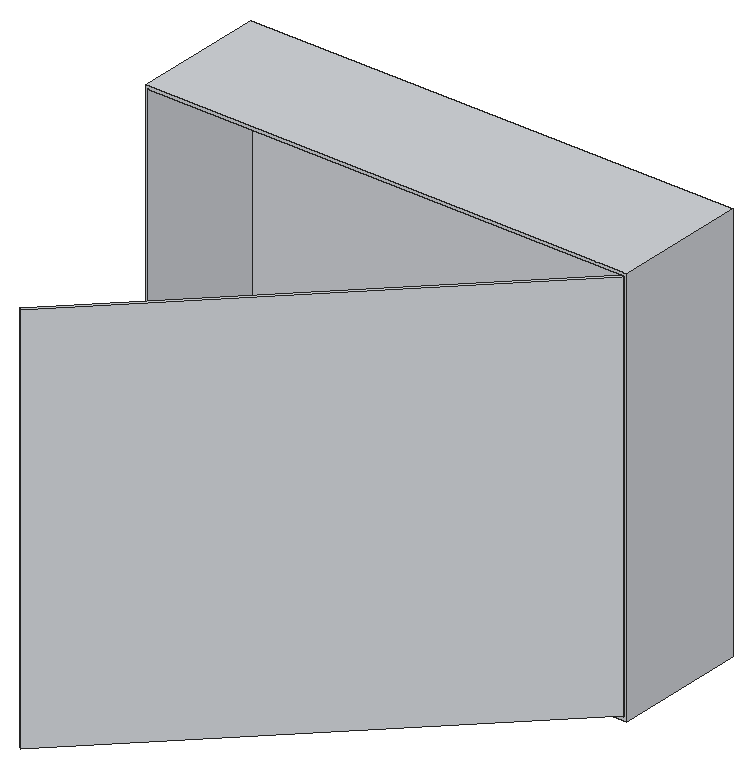
Revit family "Hager-Univers-IP41-vuoto-A_parete-NoHosted-CH-it", category Electrical Equipment, Revit 2020
Family settings
  Panel Configuration = Two Columns, Circuits Across
  Round Connector Dimension = Use Diameter
  Part Type = Panelboard
  Work Plane-Based = Yes
  Always vertical = Yes
  Cut with Voids When Loaded = No
  Shared = No
  Room Calculation Point = No
Parameters (values of type "A parete IP41 L540 A450 P148 0 Unità di divisione - FB3008SN")
  Width Control [instance] = if([HG000006 - Ad incasso], if([EF000846 - larghezza di montaggio] > min_whd, [EF000846 - larghezza di montaggio], min_whd), if([EF000008 - Larghezza] > min_whd, ([EF000008 - Larghezza]), min_whd))  # 540 mm
  Void Depth [instance] = if([EF000218 - profondità di incasso] > 1 mm, [EF000218 - profondità di incasso], 1 mm)  # 84 mm
  Type Comments = [HG000003 - Gamma]  # "Univers"
  System Height [instance] = Height Control - 2 * [HG000005 - Spessore]  # 444 mm
  Panel Name [instance] = ""  # (empty or 0)
  Offset [instance] = 0 mm
  Model = [HG000004 - Codice produttore]  # "FB3008SN"
  Level Offset [instance] = [Flush Mounted - Door Frame Width] + Offset  # 0 mm
  HG000017 - Distanza tra i poli = 18 mm
  HG000016 - Visibilità delle porte nella vista 3D [instance] = yes
  HG000015 - Visibilità attraverso la porta [instance] = no
  HG000014 - Porta destra [instance] = yes
  HG000013 - Porta sinistra [instance] = not([HG000014 - Porta destra])  # no
  HG000012 - Angolo di apertura della porta [instance] = 45.00°
  HG000011 - File vuote nella parte basse = no
  HG000010 - Porte asimmetriche = no
  HG000009 - Porta doppia a battente = no
  HG000008 - Numero di file vuote = 0
  HG000007 - Numero di colonne vuote = 0
  HG000006 - Ad incasso = no
  HG000005 - Spessore = 3 mm  # constant formula
  HG000004 - Codice produttore = "FB3008SN"
  HG000003 - Gamma = "Univers"
  HG000002 - Con porta = yes
  HG000001 - Numero di colonne = 0
  EF015941 - Segnale di passaggio porta = no
  EF015777 - Morsettiera neutra = no
  EF015776 - Morsettiera di terra = no
  EF009212 - esecuzione coperchio = "EV000116 - chiuso"
  EF006306 - con serratura = no
  EF006244 - coperchio/porta trasparente = no
  EF005474 - grado di protezione (IP) = "EV006416 - IP41"
  EF004462 - tipo di chiusura = ""
  EF002950 - Numero moduli DIN = 0
  EF001596 - Attacco Lampada = "EV000154 - altri"
  EF001134 - barra DIN = no
  EF001131 - profondità interna = 84 mm
  EF001088 - possibilità di applicazione = no
  EF001062 - esecuzione EMC = no
  EF000846 - larghezza di montaggio = 300 mm
  EF000339 - tipo di copertura = "EV004216 - porta"
  EF000332 - Altezza della parte incassata = 0 mm
  EF000266 - numero di file = 0
  EF000218 - profondità di incasso = 84 mm
  EF000118 - con piastra di montaggio = no
  EF000116 - numero RAL = "9010"
  EF000049 - profondità = 148 mm
  EF000040 - Altezza = 450 mm
  EF000008 - Larghezza = 540 mm
  EF000007 - colore = "EV000202 - bianco"
  EF000003 - Tipo di montaggio = "EV000384 - A parete"
  Description = ""
  Default Elevation = 1219.2 mm
  Arrow Offset [instance] = Depth Control / 8  # 18.5 mm
  Arrow Height [instance] = Depth Control - Arrow Offset  # 129.5 mm
  Host Offset [instance] = if([HG000006 - Ad incasso], 0 mm, [EF000049 - profondità])  # 148 mm
  min_whd [instance] = (2 * [HG000005 - Spessore]) + 1 mm  # 7 mm
  Manufacturer = "Hager"  # constant formula
  Height Control [instance] = if([HG000006 - Ad incasso], if([EF000332 - Altezza della parte incassata] > min_whd, [EF000332 - Altezza della parte incassata], min_whd), if([EF000040 - Altezza] > min_whd, ([EF000040 - Altezza]), min_whd))  # 450 mm
  Flush Mounted - Door Frame Width [instance] = if(([EF000040 - Altezza] - [EF000332 - Altezza della parte incassata]) > 0 mm, if([HG000006 - Ad incasso], [EF000040 - Altezza] - [EF000332 - Altezza della parte incassata], 0 mm), 0 mm)  # 0 mm
  Depth Control [instance] = if([HG000006 - Ad incasso], if([EF000218 - profondità di incasso] > 0 mm, [EF000218 - profondità di incasso], 1 mm), if([EF000049 - profondità] > 0 mm, ([EF000049 - profondità]), 1 mm))  # 148 mm
Types (3, lengths in mm): name | Width Control | System Height | Model | HG000004 - Codice produttore | EF004462 - tipo di chiusura | EF000846 - larghezza di montaggio | EF000049 - profondità | EF000040 - Altezza | EF000008 - Larghezza | Arrow Offset | Arrow Height | Host Offset | Height Control | Depth Control
  A parete IP41 L350 A350 P128 0 Unità di divisione - FB2008LN | 350 | 344 | "FB2008LN" | "FB2008LN" | "EV000154 - altri" | 200 | 128 | 350 | 350 | 16 | 112 | 128 | 350 | 128
  A parete IP41 L450 A450 P128 0 Unità di divisione - FB3008LN | 450 | 444 | "FB3008LN" | "FB3008LN" | "EV000154 - altri" | 300 | 128 | 450 | 450 | 16 | 112 | 128 | 450 | 128
  A parete IP41 L540 A450 P148 0 Unità di divisione - FB3008SN | 540 | 444 | "FB3008SN" | "FB3008SN" | "" | 300 | 148 | 450 | 540 | 18.5 | 129.5 | 148 | 450 | 148
Reference planes
  plane 1 "Center (Front/Back)": y = 0
  plane 2: z = 0
  plane 3 "Center (Left/Right)": x = 0
  plane 4: y = 3
  plane 5: y = 0
  plane 6: y = 0
  plane 7: z = 0
  plane 8: x = -270
  plane 9: x = 270
  plane 10: x = 267
  plane 11: x = -267
  plane 12: z = 0
  plane 13: z = 3
  plane 14: y = -143
  plane 15: y = -148
  plane 16: y = -3
  plane 17: z = 447
  plane 18: z = 450
  plane 19: z = 225
  plane 20: x = 0
  plane 21: y = -100
Forms (mm)
  Extrusion 1, solid
    sketch origin (-208.679, -4572, 0) x (-1, 0, 0) y (0, -1, 0)
      loop
        line (61.321, -4424) -> (-478.679, -4424) -> (-478.679, -4572) -> (61.321, -4572) -> (61.321, -4424)
    from 0 to 450 <- "Height Control"
  Extrusion 2, void
    sketch origin (-350.771, -148, 1219.2) x (1, 0, 0) y (0, 0, 1)
      loop
        line (83.771, -772.2) -> (83.771, -1216.2) -> (617.771, -1216.2) -> (617.771, -772.2) -> (83.771, -772.2)
    from 0 to -145
  Extrusion 3, solid, detail levels coarse+medium
    sketch origin (-350.771, -148, 1219.2) x (-1, 0, 0) y (0, 0, 1)
      loop
        line (-83.771, -772.2) -> (-617.771, -772.2) -> (-617.771, -1216.2) -> (-83.771, -1216.2) -> (-83.771, -772.2)
    from 0 to 3 <- "HG000005 - Spessore"
Cuts and joins
  Extrusion 2 cuts Extrusion 1
Dimensions and locks
  "Flush Mounted - Door Frame Width": plane 1 "Center (Front/Back)" to plane 6
  "HG000005 - Spessore": plane 4 to plane 6
  "HG000005 - Spessore": plane 8 to plane 11
  "HG000005 - Spessore": plane 9 to plane 10
  equal spacing: plane 8, plane 3 "Center (Left/Right)", plane 9
  "Width Control": plane 8 to plane 9
  locked: plane 14 to plane 15 at 5
  "Host Offset": plane 1 "Center (Front/Back)" to plane 15
  "Depth Control": plane 5 to plane 15
  "HG000005 - Spessore": plane 5 to plane 16
  "HG000005 - Spessore": plane 13 to plane 12
  "Level Offset": plane 12 to level
  "HG000005 - Spessore": plane 18 to plane 17
  "Height Control": plane 18 to plane 12
  "Arrow Offset": plane 5 to nested 4
  equal spacing: plane 18, plane 19, plane 12
  locked: connector elem to plane 19
  locked: connector elem to plane 3 "Center (Left/Right)"
  aligned and locked: nested 1 to plane 14
  aligned and locked: plane 3 "Center (Left/Right)" to nested 1
  aligned and locked: plane 3 "Center (Left/Right)" to nested 2
  aligned and locked: nested 2 to plane 15
  aligned and locked: plane 5 to Extrusion 1
  aligned and locked: Extrusion 3 sketch curve to plane 17
  aligned and locked: Extrusion 3 sketch curve to plane 11
  aligned and locked: Extrusion 3 sketch curve to plane 13
  aligned and locked: Extrusion 3 sketch curve to plane 10
  aligned and locked: Extrusion 2 sketch curve to plane 13
  aligned and locked: Extrusion 2 sketch curve to plane 10
  aligned and locked: Extrusion 2 sketch curve to plane 17
  aligned and locked: Extrusion 2 sketch curve to plane 11
  aligned and locked: plane 16 to Extrusion 2
  aligned and locked: plane 5 to Extrusion 1 sketch curve
  aligned and locked: plane 9 to Extrusion 1 sketch curve
  aligned and locked: plane 8 to Extrusion 1 sketch curve
  aligned and locked: plane 8 to nested 4
  aligned and locked: plane 8 to nested 3
  aligned and locked: nested 3 to plane 5
  aligned and locked: Extrusion 1 sketch curve to plane 15
  aligned and locked: Extrusion 2 to plane 15
Nested families
  nested 1: "Hager_Enclosure_System" at (0, -143, 3), Flush_Mounted <- "HG000006 - Ad incasso", Width <- "EF000008 - Larghezza", Height <- "System Height", Width_Control <- "Width Control", Row_Module_Multiplicator <- "EF002950 - Numero moduli DIN", Empty_Columns <- "HG000007 - Numero di colonne vuote", Built-in_Width <- "EF000846 - larghezza di montaggio", Border <- "HG000005 - Spessore", Total_No_Empty_Rows <- "HG000008 - Numero di file vuote", Depth <- "HG000005 - Spessore", Empty_Rows_From_Bottom <- "HG000011 - File vuote nella parte basse", Distance_Between_Poles <- "HG000017 - Distanza tra i poli", Rows_Count <- "EF000266 - numero di file", Columns_Count <- "HG000001 - Numero di colonne", type "Hager_Enclosure_System", detail levels medium+fine
    with Width_Control 540 mm, Width 540 mm, Total_No_Rows 0, Total_No_Empty_Rows 0, Total_No_Columns 1, System_Width 534 mm, Rows_Count 0, Rows_Column 0, Row_Module_Multiplicator 0, Panel_4 no, Panel_3 no, Panel_2 no, Panel_1 no, No_Panels_Ctrl 1, Hide_Columns yes, Height 444 mm, Flush_Mounted no, Empty_Rows_From_Bottom no, Empty_Rows_Column 0, Empty_Columns 0, Distance_Between_Poles 18 mm, Depth 3 mm, Columns_Count 0, Column_Width 534 mm, Built-in_Width 300 mm, Border 3 mm
  nested 2: "Hager_Enclosure_Door" at (0, -148, 0), Double <- "HG000009 - Porta doppia a battente", Height_Ctrl <- "Height Control", Transparent <- "EF006244 - coperchio/porta trasparente", Depth <- "EF000049 - profondità", Height <- "EF000040 - Altezza", Angle <- "HG000012 - Angolo di apertura della porta", Door_Right <- "HG000014 - Porta destra", Assymetrical <- "HG000010 - Porte asimmetriche", Flush_Mounted <- "HG000006 - Ad incasso", BuiltIn_Depth <- "EF000218 - profondità di incasso", BuiltIn_Width <- "EF000846 - larghezza di montaggio", Door <- "HG000002 - Con porta", Width_Ctrl <- "Width Control", 3d_Door <- "HG000016 - Visibilità delle porte nella vista 3D", Width <- "EF000008 - Larghezza", Border <- "HG000005 - Spessore", BuiltIn_Height <- "EF000332 - Altezza della parte incassata", Clearance <- "HG000015 - Visibilità attraverso la porta", Door_Left <- "HG000013 - Porta sinistra", type "Hager_Enclosure_Door", detail levels medium+fine
    with min_wh 7 mm, Width_Ctrl 540 mm, Width 540 mm, Transparent_Door_No_Bottom_Border no, Transparent no, Leaf_Width 531 mm, Leaf_Tolerance 1.5 mm, Leaf_Height 441 mm, Leaf_2_Width 531 mm, Leaf_2_Offset 265.5 mm, Leaf_1_Width 531 mm, Leaf_1_Offset 265.5 mm, Height_Ctrl 450 mm, Height 450 mm, Frame_Width_Ctrl 240 mm, Frame_Width 240 mm, Frame_Internal_Offset 0 mm, Frame_Height_Ctrl 450 mm, Frame_Height 450 mm, Frame_Depth_Ctrl 1 mm, Frame_Depth 0 mm, Flush_Mounted no, Double_Clearance_Ctrl no, Double no, Door_Right_Ctrl yes, Door_Right yes, Door_Left_Ctrl no, Door_Left no, Door yes, Depth 148 mm, Clearance_Depth 531 mm, Clearance_Ctrl no, Clearance no, BuiltIn_Width 300 mm, BuiltIn_Height 0 mm, BuiltIn_Depth 84 mm, Border 3 mm, Assymetrical no, Angle 45.00°, 3d_Door yes
  nested 3: "Hager_Enclosure_Symbol_Triangle" at (-270, 0, 0), Depth <- "Depth Control", Width <- "Width Control", type "Hager_Enclosure_Symbol_Triangle"
    with Width_Ctrl 540 mm, Width 540 mm, Depth_Ctrl 148 mm, Depth 148 mm
  nested 4: "Hager_Enclosure_Symbol_Arrow" at (-270, -18.5, 0), Height <- "Arrow Height", type "Hager_Enclosure_Symbol_Arrow"
    with Width_Inside 9.713 mm, Width 116.55 mm, Height_Ctrl 129.5 mm, Height 129.5 mm
Connectors
  electrical at (0, 0, 225)
    settings: on plane 5, index 1, voltage 0 V, apparent load 0 VA, apparent load phase1 0 VA, apparent load phase2 0 VA, apparent load phase3 0 VA, power factor 1, load classification "Other", number of poles 1, system type 30, power factor state 1, is connector primary yes, connector utility no, sub classification motor no, connector description ""
Definition of nested family "Hager_Enclosure_Door"
  Parameters (values of type "Hager_Enclosure_Door")
    min_wh [instance] = (2 * Border) + 1 mm  # 11 mm
    Width_Ctrl [instance] = 400 mm
    Width [instance] = 500 mm
    Transparent_Door_No_Bottom_Border [instance] = no
    Transparent [instance] = yes
    Leaf_Width [instance] = if((Width_Ctrl - 2 * Border - 2 * Leaf_Tolerance) > 0 mm, (Width_Ctrl - 2 * Border - 2 * Leaf_Tolerance), min_wh)  # 387 mm
    Leaf_Tolerance [instance] = 1.5 mm  # constant formula
    Leaf_Height [instance] = if((Height_Ctrl - 2 * Border - 2 * Leaf_Tolerance) > 0 mm, (Height_Ctrl - 2 * Border - 2 * Leaf_Tolerance), min_wh)  # 387 mm
    Leaf_2_Width [instance] = if(and(and(Double, Assymetrical), Door_Left), (Leaf_Width / 3) - (Leaf_Tolerance / 2), if(and(and(Double, Assymetrical), Door_Right), (Leaf_Width / 3) * 2 - (Leaf_Tolerance / 2), if(and(Double, not(Assymetrical)), (Leaf_Width / 2) - Leaf_Tolerance, Leaf_Width)))  # 387 mm
    Leaf_2_Offset [instance] = if(and(Double, Assymetrical), Leaf_2_Width / 2, if(and(Double, not(Assymetrical)), Leaf_Width / 4, Leaf_Width / 2))  # 193.5 mm
    Leaf_1_Width [instance] = if(and(and(Double, Assymetrical), Door_Right), (Leaf_Width / 3) - (Leaf_Tolerance / 2), if(and(and(Double, Assymetrical), Door_Left), (Width / 3) * 2 - (Leaf_Tolerance / 2), if(and(Double, not(Assymetrical)), (Leaf_Width / 2) - Leaf_Tolerance, Leaf_Width)))  # 387 mm
    Leaf_1_Offset [instance] = if(and(Double, Assymetrical), Leaf_1_Width / 2, if(and(Double, not(Assymetrical)), Leaf_Width / 4, Leaf_Width / 2))  # 193.5 mm
    Height_Ctrl [instance] = 400 mm
    Height [instance] = 500 mm
    Frame_Width_Ctrl [instance] = if(Frame_Width > 0 mm, Frame_Width, 1 mm)  # 1 mm
    Frame_Width [instance] = Width - BuiltIn_Width  # 0 mm
    Frame_Internal_Offset [instance] = if(Flush_Mounted, Border, 0 mm)  # 5 mm
    Frame_Height_Ctrl [instance] = if(Frame_Height > 0 mm, Frame_Height, 1 mm)  # 1 mm
    Frame_Height [instance] = Height - BuiltIn_Height  # 0 mm
    Frame_Depth_Ctrl [instance] = if(Frame_Depth > 0 mm, Frame_Depth, 1 mm)  # 1 mm
    Frame_Depth [instance] = if(Depth - BuiltIn_Depth > 0 mm, if(Flush_Mounted, Depth - BuiltIn_Depth, 0 mm), 0 mm)  # 0 mm
    Flush_Mounted [instance] = yes
    Double_Clearance_Ctrl [instance] = and(Double, Clearance)  # no
    Double [instance] = no
    Door_Right_Ctrl [instance] = and(or(Door_Right, Double), Door)  # yes
    Door_Right [instance] = yes
    Door_Left_Ctrl [instance] = and(or(Door_Left, Double), Door)  # no
    Door_Left [instance] = no
    Door [instance] = yes
    Depth [instance] = 500 mm
    Default Elevation = 1219.2 mm
    Clearance_Material = none
    Clearance_Depth [instance] = if(Leaf_1_Width > Leaf_2_Width, Leaf_1_Width, Leaf_2_Width)  # 387 mm
    Clearance_Ctrl [instance] = and(not(Double), Clearance)  # yes
    Clearance [instance] = yes
    BuiltIn_Width [instance] = 500 mm
    BuiltIn_Height [instance] = 500 mm
    BuiltIn_Depth [instance] = 500 mm
    Border [instance] = 5 mm
    Assymetrical [instance] = yes
    Angle [instance] = 30.00°
    3d_Door [instance] = yes
  Reference planes
    plane 1 "Center (Front/Back)": y = 0
    plane 2 "Bottom": z = 0
    plane 3 "Center (Left/Right)": x = 0
    plane 4: z = 400
    plane 5: x = -200
    plane 6: x = 200
    plane 7: z = 395
    plane 8: x = -195
    plane 9: z = 5
    plane 10: x = 195
    plane 11: y = 0
    plane 12: z = 6.5
    plane 13: x = -582
    plane 14: y = -387
    plane 15: x = 582
    plane 16: x = 0
    plane 17: x = 0
    plane 18: x = -193.5
    plane 19: x = 193.5
    plane 20: z = 393.5
  Forms (mm)
    Extrusion 1, solid, visible <- "Flush_Mounted"
      sketch origin (0, 0, 0) x (1, 0, 0) y (0, 0, 1)
        loop
          line (195, 5) -> (195, 395) -> (-195, 395) -> (-195, 5) -> (195, 5)
        loop
          line (-201, 401) -> (-201, -1) -> (201, -1) -> (201, 401) -> (-201, 401)
      from 0 to 1 <- "Frame_Depth_Ctrl"
    Extrusion 2, solid, material <- "Clearance_Material", visible <- "Double_Clearance_Ctrl"
      sketch origin (1200, 0, 0) x (1, 0, 0) y (0, 0, -1)
        loop
          line (-1782, -393.5) -> (-618, -393.5) -> (-618, 0) -> (-1782, 0) -> (-1782, -393.5)
      from 0 to -387
  Dimensions and locks
    equal spacing: plane 5, plane 3 "Center (Left/Right)", plane 6
    "Width_Ctrl": plane 5 to plane 6
    "Border": plane 5 to plane 8
    "Border": plane 6 to plane 10
    "Border": plane 9 to level
    "Border": plane 4 to plane 7
    "Height_Ctrl": plane 4 to level
    "Leaf_Tolerance": plane 12 to plane 9
    "Frame_Depth": plane 11 to plane 1 "Center (Front/Back)"
    "Frame_Width_Ctrl": plane 5 to Extrusion 1 sketch curve
    "Frame_Width_Ctrl": plane 6 to Extrusion 1 sketch curve
    "Frame_Width_Ctrl": Extrusion 1 sketch curve to plane 4
    "Frame_Width_Ctrl": plane 2 "Bottom" to Extrusion 1 sketch curve
    "Leaf_1_Offset": plane 18 to plane 16
    "Leaf_2_Offset": plane 17 to plane 19
    "Leaf_1_Width": plane 13 to plane 8
    "Leaf_2_Width": plane 10 to plane 15
    "Clearance_Depth": plane 14 to plane 1 "Center (Front/Back)"
    "Leaf_Tolerance": plane 8 to plane 18
    "Leaf_Tolerance": plane 19 to plane 10
    "Leaf_Tolerance": plane 7 to plane 20
    "Frame_Internal_Offset": plane 5 to Extrusion 1 sketch curve
    "Frame_Internal_Offset": Extrusion 1 sketch curve to plane 2 "Bottom"
    "Frame_Internal_Offset": plane 6 to Extrusion 1 sketch curve
    "Frame_Internal_Offset": plane 4 to Extrusion 1 sketch curve
    aligned and locked: level to plane 2 "Bottom"
    aligned and locked: nested 1 to plane 16
    aligned and locked: nested 2 to plane 17
    aligned and locked: Extrusion 2 to plane 13
    aligned and locked: plane 15 to Extrusion 2
    aligned and locked: Extrusion 2 to plane 14
    aligned and locked: plane 12 to nested 1
    aligned and locked: nested 2 to plane 12
    aligned and locked: Extrusion 2 to plane 11
    aligned and locked: plane 20 to Extrusion 2
    aligned and locked: nested 2 to plane 11
    aligned and locked: nested 1 to plane 11
  Automatic sketch dimensions
    Extrusion 2 sketch curve to level = 0 mm
    plane 5 to Extrusion 2 sketch curve = 382 mm
    plane 6 to Extrusion 2 sketch curve = 382 mm
    Extrusion 2 sketch curve to plane 4 = 6.5 mm
  Nested families
    nested 1: "Hager_Enclosure_Door_Leaf" at (0, 0, 6.5), Width <- "Leaf_1_Width", visible <- "Door_Left_Ctrl", Leaf_Height <- "Leaf_Height", Angle <- "Angle", Depth <- "Border", 3d_Door <- "3d_Door", Transparent <- "Transparent", Clearance Material <- "Clearance_Material", Clearance <- "Clearance_Ctrl", Transparent_Door_No_Bottom_Border <- "Transparent_Door_No_Bottom_Border", type "Hager_Enclosure_Door_Leaf"
      with Width 387 mm, Transparent_Door_No_Bottom_Border no, Transparent_Door_Border_Bottom_Top 25 mm, Transparent_Door_Border 25 mm, Transparent_Ctrl yes, Transparent yes, Standard no, Leaf_Height 387 mm, Glass_Offset 1 mm, Depth 5 mm, Clearance Material none, Clearance yes, Angle_Ctrl 30.00°, Angle 30.00°, 3d_Door yes
    nested 2: "Hager_Enclosure_Door_Leaf" at (0, 0, 6.5) x (-1, 0, 0) z (0, 0, 1), Width <- "Leaf_2_Width", visible <- "Door_Right_Ctrl", Leaf_Height <- "Leaf_Height", Angle <- "Angle", Depth <- "Border", 3d_Door <- "3d_Door", Transparent <- "Transparent", Clearance Material <- "Clearance_Material", Clearance <- "Clearance_Ctrl", Transparent_Door_No_Bottom_Border <- "Transparent_Door_No_Bottom_Border", type "Hager_Enclosure_Door_Leaf"
      with Width 387 mm, Transparent_Door_No_Bottom_Border no, Transparent_Door_Border_Bottom_Top 25 mm, Transparent_Door_Border 25 mm, Transparent_Ctrl yes, Transparent yes, Standard no, Leaf_Height 387 mm, Glass_Offset 1 mm, Depth 5 mm, Clearance Material none, Clearance yes, Angle_Ctrl 30.00°, Angle 30.00°, 3d_Door yes
  Definition of nested family "Hager_Enclosure_Door_Leaf"
    Parameters (values of type "Hager_Enclosure_Door_Leaf")
      Width [instance] = 2000 mm
      Transparent_Door_No_Bottom_Border [instance] = yes
      Transparent_Door_Border_Bottom_Top [instance] = if(Transparent_Door_No_Bottom_Border, 0.1 mm, Transparent_Door_Border)  # 0.1 mm
      Transparent_Door_Border [instance] = if(Transparent_Door_No_Bottom_Border, (Width * 0.12), 25 mm)  # 240 mm
      Transparent_Ctrl [instance] = and(Transparent, [3d_Door])  # yes
      Transparent [instance] = yes
      Standard [instance] = and(not(Transparent), [3d_Door])  # no
      Leaf_Height [instance] = 2720.336 mm
      Glass_Offset [instance] = if((Depth - 10 mm) / 2 > 0 mm, (Depth - 10 mm) / 2, 1 mm)  # 15 mm
      Glass_Material = none
      Depth [instance] = 40 mm
      Default Elevation = 0 mm
      Clearance Material [instance] = none
      Clearance [instance] = yes
      Angle_Ctrl [instance] = if(Angle > 170.00°, 170.00°, Angle)  # 45.00°
      Angle [instance] = 45.00°
      3d_Door [instance] = yes
    Reference planes
      plane 1 "Center (Front/Back)": y = 0
      plane 2: z = 0
      plane 3 "Center (Left/Right)": x = 0
      plane 4: y = 2000
      plane 5: x = -1000
      plane 6: x = 1000
      plane 7: x = -3000
      plane 8: z = 2720.336
      plane 9: z = 0.1
      plane 10: z = 2720.236
      plane 11: x = 760
      plane 12: x = -760
    Forms (mm)
      Extrusion 1, solid, material <- "Clearance Material", visible <- "Clearance"
        sketch origin (0, 0, 0) x (1, 0, 0) y (0, 0, 1)
          loop
            line (-3000, 2720.336) -> (-3000, 0) -> (1000, 0) -> (1000, 2720.336) -> (-3000, 2720.336)
        from 0 to -2000
      Extrusion 2, solid, visible <- "Standard", detail levels medium+fine
        sketch origin (-1000, 0, 0) x (0.707107, 0.707107, 0) y (-0.707107, 0.707107, 0)
          loop
            line (0, -40) -> (2000, -40) -> (2000, 0) -> (0, 0) -> (0, -40)
        from 0 to 2720.336 <- "Leaf_Height"
      Extrusion 3, solid, visible <- "Transparent_Ctrl", detail levels medium+fine
        sketch origin (-1000, 0, 0) x (0.707107, 0.707107, 0) y (-0.707107, 0.707107, 0)
          loop
            line (0, -40) -> (2000, -40) -> (2000, 0) -> (0, 0) -> (0, -40)
        from 0 to 2720.336 <- "Leaf_Height"
      Extrusion 4, void, detail levels medium+fine
        sketch origin (-1000, 0, 0) x (-0.707107, 0.707107, 0) y (0.707107, 0.707107, 0)
          loop
            line (0, 240) -> (0, 1760) -> (-40, 1760) -> (-40, 240) -> (0, 240)
        from -2720.236 to -0.1
      Extrusion 5, solid, material <- "Glass_Material", visible <- "Transparent_Ctrl", detail levels medium+fine
        sketch origin (-1000, 0, 0) x (0.707107, 0.707107, 0) y (-0.707107, 0.707107, 0)
          loop
            line (240, -15) -> (240, -25) -> (1760, -25) -> (1760, -15) -> (240, -15)
        from 0.1 to 2720.236
    Cuts and joins
      Extrusion 4 cuts Extrusion 3
    Lines and regions (mm)
      symbolic lines
        curve 1: line (1000, 0, 0) -> (-3000, 0, 0)
        curve 2: arc (1000, 0, 0) -> (-1000, 2000, 0) -> (-3000, 0, 0) r 2000
        curve 4: line (-1000, 0, 0) -> (414.214, 1414.214, 0)
      reference lines
        curve 3: line (-1000, 0, 0) -> (414.214, 1414.214, 0)
      symbolic lines, detail levels medium+fine
        curve 5: line (414.214, 1414.214, 0) -> (442.498, 1385.929, 0)
        curve 6: line (442.498, 1385.929, 0) -> (-971.716, -28.284, 0)
        curve 7: line (-971.716, -28.284, 0) -> (-1000, 0, 0)
        curve 8: line (-1000, 0, 2720.336) -> (1000, 0, 2720.336)
        curve 9: line (-1000, 0, 0) -> (-1000, 0, 2720.336)
        curve 10: line (1000, 0, 0) -> (-1000, 0, 0)
        curve 11: line (1000, 0, 2720.336) -> (1000, 0, 0)
      symbolic lines, visible <- "Transparent_Ctrl", detail levels medium+fine
        curve 12: line (-760, 0, 2720.236) -> (760, 0, 2720.236)
        curve 13: line (-760, 0, 0.1) -> (-760, 0, 2720.236)
        curve 14: line (760, 0, 0.1) -> (-760, 0, 0.1)
        curve 15: line (760, 0, 2720.236) -> (760, 0, 0.1)
    Dimensions and locks
      "Width": plane 1 "Center (Front/Back)" to plane 4
      equal spacing: plane 5, plane 3 "Center (Left/Right)", plane 6
      "Width": plane 5 to plane 6
      "Width": plane 7 to plane 5
      "Leaf_Height": plane 8 to level
      "Depth": curve 6 to curve 3
      "Width": curve 5 to curve 3
      "Width": curve 3 to curve 3
      "Transparent_Door_Border": Extrusion 4 sketch curve to curve 7
      "Transparent_Door_Border": Extrusion 4 sketch curve to curve 5
      "Transparent_Door_Border_Bottom_Top": plane 8 to plane 10
      "Transparent_Door_Border_Bottom_Top": plane 9 to level
      "Glass_Offset": Extrusion 5 sketch curve to curve 4
      "Glass_Offset": Extrusion 5 sketch curve to curve 6
      "Transparent_Door_Border": Extrusion 5 sketch curve to curve 5
      "Transparent_Door_Border": Extrusion 5 sketch curve to curve 7
      "Transparent_Door_Border": plane 12 to plane 5
      "Transparent_Door_Border": plane 6 to plane 11
      "Angle_Ctrl": angle plane 1 "Center (Front/Back)" to curve 3
      aligned and locked: level to plane 2
      aligned and locked: Extrusion 1 to curve 1
      aligned and locked: plane 6 to Extrusion 1
      aligned and locked: Extrusion 1 to plane 1 "Center (Front/Back)"
      aligned and locked: plane 4 to Extrusion 1
      aligned and locked: plane 8 to Extrusion 1
      aligned and locked: curve 4 to curve 3
      aligned and locked: Extrusion 2 sketch curve to curve 7
      aligned and locked: Extrusion 2 sketch curve to curve 6
      aligned and locked: Extrusion 2 sketch curve to curve 5
      aligned and locked: Extrusion 2 sketch curve to curve 3
      aligned and locked: curve 7 to Extrusion 3 sketch curve
      aligned and locked: Extrusion 3 sketch curve to curve 4
      aligned and locked: Extrusion 3 sketch curve to curve 6
      aligned and locked: Extrusion 3 sketch curve to curve 5
      aligned and locked: curve 4 to Extrusion 4 sketch curve
      aligned and locked: curve 6 to Extrusion 4 sketch curve
      aligned and locked: Extrusion 4 to plane 9
      aligned and locked: Extrusion 4 to plane 10
      aligned and locked: Extrusion 5 to plane 9
      aligned and locked: Extrusion 5 to plane 10
      aligned and locked: curve 8 to plane 8
      aligned and locked: plane 5 to curve 9
      aligned and locked: plane 2 to curve 10
      aligned and locked: curve 11 to plane 6
      aligned and locked: plane 10 to curve 12
      aligned and locked: plane 12 to curve 13
      aligned and locked: curve 14 to plane 9
      aligned and locked: plane 11 to curve 15
    Automatic sketch dimensions
      plane 1 "Center (Front/Back)" to curve 2 = 0 mm
      curve 2 to plane 5 = 0 mm
      Extrusion 1 sketch curve to level = 0 mm
      Extrusion 1 sketch curve to plane 7 = 0 mm
      Extrusion 1 sketch curve to plane 6 = 0 mm
      Extrusion 1 sketch curve to plane 8 = 0 mm
      plane 1 "Center (Front/Back)" to curve 3 = 0 mm
      curve 3 to plane 5 = 0 mm
      curve 7 to curve 3 = 0 mm
Definition of nested family "Hager_Enclosure_Symbol_Triangle"
  Parameters (values of type "Hager_Enclosure_Symbol_Triangle")
    Width_Ctrl [instance] = if(Width > 1 mm, Width, 1 mm)  # 498 mm
    Width [instance] = 498 mm
    Depth_Ctrl [instance] = if(Depth > 1 mm, Depth, 1 mm)  # 72 mm
    Depth [instance] = 72 mm
  Reference planes
    plane 1 "Centre (avant/arrière)": y = 0
    plane 2: z = 0
    plane 3 "Centre (gauche/droite)": x = 0
  Lines and regions (mm)
    Filled region 1, type "Solid_Black", in view "Niveau de réf."
      outline origin (0, 0, 0) x (1, 0, 0) y (0, 1, 0)
        loop
          line (0, 0) -> (498, 0) -> (498, 72) -> (0, 0)
    reference lines, in view "Niveau de réf."
      curve 1: line (-206.153, 72, 0) -> (1083.258, 72, 0)
      curve 2: line (498, 405.456, 0) -> (498, -517.619, 0)
  Dimensions and locks
    "Depth_Ctrl": plane 1 "Centre (avant/arrière)" to curve 1
    "Width_Ctrl": plane 3 "Centre (gauche/droite)" to curve 2
    aligned and locked: curve 1 to Filled region 1 sketch curve
    aligned and locked: Filled region 1 sketch curve to plane 1 "Centre (avant/arrière)"
    aligned and locked: curve 2 to Filled region 1 sketch curve
    aligned and locked: plane 3 "Centre (gauche/droite)" to Filled region 1 sketch curve
    aligned and locked: plane 1 "Centre (avant/arrière)" to Filled region 1 sketch curve
  Automatic sketch dimensions
    curve 1 to plane 3 "Centre (gauche/droite)" = 206.153 mm
    curve 2 to curve 1 = 585.258 mm
    plane 1 "Centre (avant/arrière)" to curve 2 = 517.619 mm
    curve 2 to plane 1 "Centre (avant/arrière)" = 405.456 mm
Definition of nested family "Hager_Enclosure_Symbol_Arrow"
  Parameters (values of type "Hager_Enclosure_Symbol_Arrow")
    Width_Inside [instance] = if(Width / 12 > 2 mm, Width / 12, 2 mm)  # 4.987 mm
    Width [instance] = if(Height_Ctrl * 0.9 > 2 mm, Height_Ctrl * 0.9, 2 mm)  # 59.85 mm
    Height_Ctrl [instance] = if(Height > 2 mm, Height, 2 mm)  # 66.5 mm
    Height [instance] = 66.5 mm
  Reference planes
    plane 1 "Centre (avant/arrière)": y = 0
    plane 2: z = 0
    plane 3 "Centre (gauche/droite)": x = 0
    plane 4: x = 59.85
    plane 5: y = 28.263
    plane 6: y = 38.238
    plane 7: y = 66.5
    plane 8: x = 29.925
    plane 9: y = 33.25
  Lines and regions (mm)
    Filled region 1, type "Solid_Black", in view "Niveau de réf."
      outline origin (0, 0, 0) x (1, 0, 0) y (0, 1, 0)
        loop
          line (59.85, 66.5) -> (37.929, 52.827) -> (51.846, 41.935) -> (59.85, 66.5)
    detail lines, in view "Niveau de réf."
      curve 1: line (0, 0, 0) -> (29.925, 38.238, 0)
      curve 2: line (29.925, 38.238, 0) -> (29.925, 28.263, 0)
      curve 3: line (29.925, 28.263, 0) -> (59.85, 66.5, 0)
  Dimensions and locks
    "Width": plane 3 "Centre (gauche/droite)" to plane 4
    "Height_Ctrl": plane 7 to plane 1 "Centre (avant/arrière)"
    equal spacing: plane 3 "Centre (gauche/droite)", plane 8, plane 4
    equal spacing: plane 7, plane 9, plane 1 "Centre (avant/arrière)"
    equal spacing: plane 6, plane 9, plane 5
    "Width_Inside": plane 6 to plane 9
    equal spacing: curve 3, Filled region 1 sketch curve, Filled region 1 sketch curve
    angle Filled region 1 sketch curve to curve 3 = 20.00°
    angle curve 3 to Filled region 1 sketch curve = 20.00°
    locked: curve 3 to Filled region 1 sketch curve (angle 90.00°)
  Automatic sketch dimensions
    plane 1 "Centre (avant/arrière)" to curve 1 = 0 mm
    curve 1 to plane 3 "Centre (gauche/droite)" = 0 mm
    curve 2 to plane 6 = 0 mm
    curve 3 to plane 8 = 0 mm
    curve 3 to plane 4 = 0 mm
    curve 2 to plane 5 = 0 mm
    curve 3 to plane 7 = 0 mm
    Filled region 1 sketch curve to plane 4 = 0 mm
    Filled region 1 sketch curve to plane 7 = 0 mm
